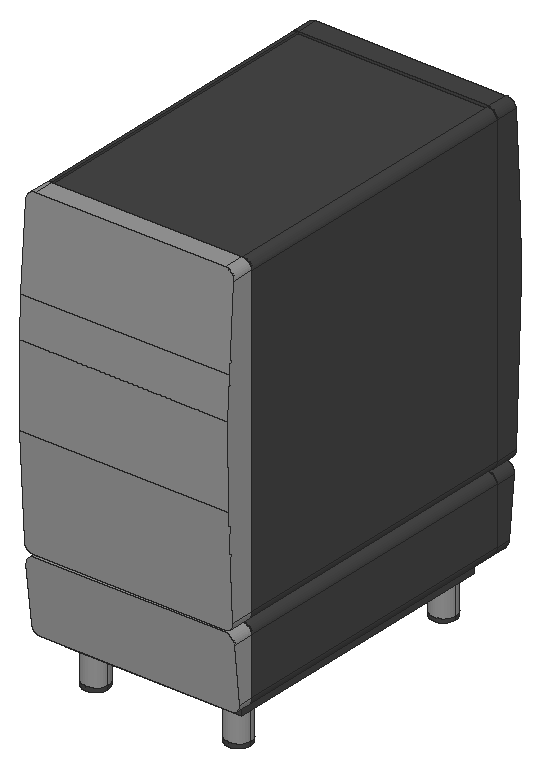
Revit family "Franke_Refrigeration_side_unit_SU05_CM-A600_FM_CM(USA)", category Specialty Equipment, Revit 2015
Parameters (values of type "Refrigeration side unit SU05 CM-A600 FM CM(120V/anthracite/USA)")
  URL = "https://www.franke.com/main/en/cs/products/product-search.html"
  Depth (mm) = 475 mm
  Temperature range = "+ 3° C to +8° C"
  Volts min. = 120 V
  Volts max. = 0 V
  Max Overcurrent Protection = "-"
  Cycle Alternative = 0 Hz
  Cycle = 60 Hz
  Model = "410873 - Refrigeration side unit SU05 CM - A600 FM CM"
  Milk storage = "5 l"
  Watts min. = 1440 W
  Watts max. = 0 W
  Cost = 0
  Height (mm) = 585 mm
  Manufacturer = "Franke"
  Energy loss acc. to DIN 18873 = "0.460 kWh/24 h - 230 V"
  Width (mm) = 270 mm
  Description = "Refrigeration side unit SU05 for storage of cooled milk"
  Assembly Code = "Refrigeration side unit SU05"
  Keynote = "Refrigeration side unit SU05"
  Weight = "25 kg"
  Number of Poles = 1
  Number of Protective Conductors = "1"
  Number of Nutral Conductors = "1"
  Frontcover = Franke Anthracite
Types (3, lengths in mm): name | Frontcover
  (no name) | Franke Anthracite
  Refrigeration side unit SU05 CM-A600 FM CM(120V/black line/USA) | Franke Black
  Refrigeration side unit SU05 CM-A600 FM CM(120V/anthracite/USA) | Franke Anthracite
Reference planes
  plane 1 "Mitte (Vorne/Hinten)": y = 0
  plane 2: z = 0
  plane 3 "Mitte (Links/Rechts)": x = 0
Forms (mm)
  Extrusion 1, solid, material "Franke Black"
    sketch origin (0, 0, 0) x (1, 0, 0) y (0, 0, 1)
      loop
        line (123, 586) -> (-123, 586)
        arc (-123, 586) -> (-131.485, 582.485) -> (-135, 574) r 12
        line (-135, 574) -> (-135, 178)
        arc (-135, 178) -> (-131.485, 169.515) -> (-123, 166) r 12
        line (-123, 166) -> (123, 166)
        arc (123, 166) -> (131.485, 169.515) -> (135, 178) r 12
        line (135, 178) -> (135, 574)
        arc (135, 574) -> (131.485, 582.485) -> (123, 586) r 12
      loop
        arc (-135, 78) -> (-131.485, 69.515) -> (-123, 66) r 12
        line (-123, 66) -> (123, 66)
        arc (123, 66) -> (131.485, 69.515) -> (135, 78) r 12
        line (135, 78) -> (135, 151)
        arc (135, 151) -> (131.485, 159.485) -> (123, 163) r 12
        line (123, 163) -> (-123, 163)
        arc (-123, 163) -> (-131.485, 159.485) -> (-135, 151) r 12
        line (-135, 151) -> (-135, 78)
    from -198.03 to 198.03
  Extrusion 2, solid, material "Franke Black"
    sketch origin (0, 0, 0) x (1, 0, 0) y (0, 0, 1)
      loop
        line (-114, 66) -> (-114, 46) -> (114, 46) -> (114, 66) -> (-114, 66)
    from -186.97 to 188.03
  Extrusion 3, solid, material "Franke Anthracite" <- "Frontcover"
    sketch origin (0, 0, 0) x (0, 1, 0) y (0, 0, 1)
      loop
        line (-199.53, 586) -> (-226.03, 586)
        arc (-226.03, 586) -> (-230.318, 527.256) -> (-234.387, 468.497) r 15843.742
        arc (-234.387, 468.497) -> (-235.812, 442.176) -> (-236.543, 415.826) r 1000
        arc (-236.543, 415.826) -> (-236.783, 362.852) -> (-235.96, 309.883) r 2640.505
        arc (-235.96, 309.883) -> (-232.928, 237.872) -> (-227.52, 166) r 2182.336
        line (-227.52, 166) -> (-199.53, 166) -> (-199.53, 586)
      loop
        arc (-227.242, 163) -> (-222.173, 114.438) -> (-216.03, 66) r 2207.212
        line (-216.03, 66) -> (-199.53, 66) -> (-199.53, 163) -> (-227.242, 163)
    from -135 to 135
  Extrusion 4, solid, material "Franke Black"
    sketch origin (0, 0, 0) x (1, 0, 0) y (0, 0, 1)
      loop
        line (-120, 576) -> (-120, 66) -> (120, 66) -> (120, 576) -> (-120, 576)
    from 198.03 to 199.53
  Extrusion 5, solid, material "Franke Black"
    sketch origin (0, 397.56, 0) x (1, 0, 0) y (0, 0, 1)
      loop
        line (-120, 576) -> (-120, 66) -> (120, 66) -> (120, 576) -> (-120, 576)
    from 198.03 to 199.53
  Extrusion 6, solid, material "Franke Black"
    sketch origin (0, 0, 0) x (1, 0, 0) y (0, 1, 0)
      loop
        line (-107.375, 116.841) -> (-107.375, 95.391) -> (-90.625, 95.391) -> (-90.625, 116.841) -> (-107.375, 116.841)
      loop
        line (-107.375, -98.159) -> (-107.375, -119.609) -> (-90.625, -119.609) -> (-90.625, -98.159) -> (-107.375, -98.159)
      loop
        line (107.375, 116.841) -> (90.625, 116.841) -> (90.625, 95.391) -> (107.375, 95.391) -> (107.375, 116.841)
      loop
        line (107.375, -98.159) -> (90.625, -98.159) -> (90.625, -119.609) -> (107.375, -119.609) -> (107.375, -98.159)
    from 42 to 46
  Extrusion 7, solid, material "Franke Black"
    sketch origin (0, 0, 0) x (0, 1, 0) y (0, 0, 1)
      loop
        line (228.03, 586) -> (199.53, 586) -> (199.53, 166) -> (227.909, 166)
        arc (227.909, 166) -> (234.785, 268.409) -> (237.114, 371.022) r 2314.482
        arc (237.114, 371.022) -> (237.115, 384.228) -> (237.104, 397.434) r 15169.055
        arc (237.104, 397.434) -> (236.381, 442.975) -> (234.325, 488.477) r 1555
        arc (234.325, 488.477) -> (231.291, 537.246) -> (228.03, 586) r 10528.092
      loop
        line (199.53, 66) -> (216.03, 66)
        arc (216.03, 66) -> (222.776, 114.386) -> (227.62, 163) r 1246.054
        line (227.62, 163) -> (199.53, 163) -> (199.53, 66)
    from -135 to 135
  Extrusion 8, void
    sketch origin (0, 0, 0) x (1, 0, 0) y (0, 0, 1)
      loop
        line (-123, 586) -> (-123, 596) -> (-145, 596) -> (-145, 574) -> (-135, 574)
        arc (-135, 574) -> (-131.485, 582.485) -> (-123, 586) r 12
      loop
        arc (123, 586) -> (131.485, 582.485) -> (135, 574) r 12
        line (135, 574) -> (145, 574) -> (145, 596) -> (123, 596) -> (123, 586)
      loop
        arc (-123, 166) -> (-131.485, 169.515) -> (-135, 178) r 12
        line (-135, 178) -> (-145, 178) -> (-145, 151) -> (-135, 151)
        arc (-135, 151) -> (-131.485, 159.485) -> (-123, 163) r 12
        line (-123, 163) -> (-123, 166)
      loop
        line (123, 66) -> (123, 56) -> (145, 56) -> (145, 78) -> (135, 78)
        arc (135, 78) -> (131.485, 69.515) -> (123, 66) r 12
      loop
        arc (-123, 66) -> (-131.485, 69.515) -> (-135, 78) r 12
        line (-135, 78) -> (-145, 78) -> (-145, 56) -> (-123, 56) -> (-123, 66)
      loop
        line (123, 166) -> (123, 163)
        arc (123, 163) -> (131.485, 159.485) -> (135, 151) r 12
        line (135, 151) -> (145, 151) -> (145, 178) -> (135, 178)
        arc (135, 178) -> (131.485, 169.515) -> (123, 166) r 12
    from -299.15 to 303.805
  Extrusion 9, solid, material "Franke Chrome"
    sketch origin (0, 0, 0) x (1, 0, 0) y (0, 1, 0)
      loop
        circle (-92.5, 165.116) r 16
      loop
        circle (-92.5, -166.823) r 16
      loop
        circle (92.5, 165.116) r 16
      loop
        circle (92.5, -166.823) r 16
    from 5 to 46
  Extrusion 10, solid, material "Franke Chrome"
    sketch origin (0, 0, 42) x (1, 0, 0) y (0, 1, 0)
      loop
        circle (0, 157.898) r 2.5
    from 0 to 4
  Extrusion 11, solid, material "Franke Black"
    sketch origin (0, 0, 0) x (0, -1, 0) y (1, 0, 0)
      loop
        circle (-165.116, -92.5) r 16
      loop
        circle (166.823, -92.5) r 16
      loop
        circle (-165.116, 92.5) r 16
      loop
        circle (166.823, 92.5) r 16
    from 0 to 5
  Extrusion 12, void
    sketch origin (-1311.638, -464.12, 0) x (1, 0, 0) y (0, 1, 0)
      loop
        line (1188.638, 262.562) -> (1434.638, 262.562) -> (1434.638, 666.304) -> (1188.638, 666.304) -> (1188.638, 262.562)
    from 584 to 662.067
Cuts and joins
  Extrusion 8 cuts Extrusion 7
  Extrusion 8 cuts Extrusion 3
  Extrusion 12 cuts Extrusion 1
Dimensions and locks
  aligned and locked: level to plane 2
Connectors
  electrical at (0, 157.898, 42), driven by "Number of Poles", driven by "Volts max."
    settings: on Extrusion 10, index 2, voltage 0 V, apparent load 0 VA, apparent load phase1 0 VA, apparent load phase2 0 VA, apparent load phase3 0 VA, power factor 1, load classification "Strom", number of poles 1, system type 31, power factor state 1, is connector primary yes, connector utility no, sub classification motor no, connector description ""
